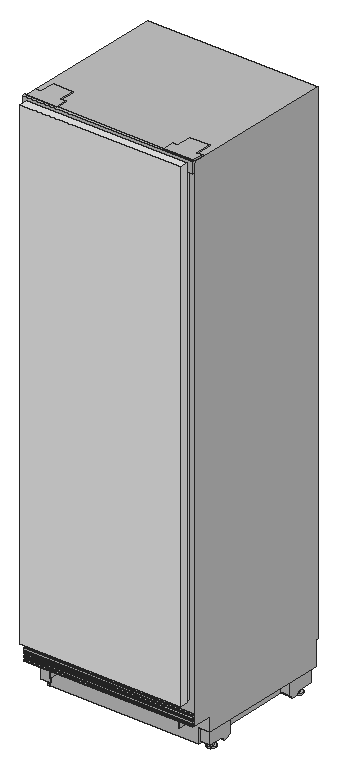
Revit family "FP-Revit18-en-RS6019F3LJ1-Freezer-0-AA-BI-HK-SG-CN-EU-90002454A", category Specialty Equipment, Revit 2018
Family settings
  Round Connector Dimension = Use Diameter
  Part Type = Normal
  OmniClass Number = 23.40.40.11.11
  OmniClass Title = Refrigerators and Freezers
  Work Plane-Based = No
  Always vertical = Yes
  Cut with Voids When Loaded = Yes
  Shared = No
  Room Calculation Point = No
Parameters (values of type "RS6019F2L1")
  Visibility - Toe Kick Panel [instance] = no
  Visibility - Clearance Required [instance] = yes
  URL = "www.fisherpaykel.com"
  Panel - Width [instance] = 592 mm
  Panel - Thickness [instance] = 19 mm
  Panel - FFL to Bottom of Bottom Panel (15mm - 150mm) [instance] = 102 mm
  Toe Kick - Recess [instance] = 63 mm
  Stainless Steel Door Panels (RD6019L) [instance] = no
  Product - Width = 592 mm  # constant formula
  Product - Height [instance] = ([Cavity - Height (1870mm - 1890mm)])  # 1880 mm
  Product - Depth (exl front panel) = 579 mm  # constant formula
  Model = "RS6019F2L1"
  Material - Door Structure = Fisher & Paykel - White
  Material - Door Front [instance] = Fisher & Paykel - Stainless Steel
  Material - Body = Fisher & Paykel - Grey
  Manufacturer = "Fisher & Paykel Appliances"
  Handle Style - Professional Round Flush (AHP3RDS19) [instance] = no
  Handle Style - Contemporary Square Fine Black (AHD5RDS19B) [instance] = no
  Handle Style - Contemporary Square Fine (AHD5RDS19) [instance] = no
  Handle Style - Contemporary Round (AHSRDS19) [instance] = no
  Handle Style - Classic Round (AHCLRDSF) [instance] = no
  Description = "60cm Integrated Freezer"
  Connector Description - Water = "None"
  Connector Description - Electrical = "230 V, 50 Hz, 10 A circuit"
  Cavity - Width = 600 mm  # constant formula
  Cavity - Height (1870mm - 1890mm) [instance] = 1880 mm
  Panel - FFL to Top of Top Panel (1867mm min) [instance] = 1877 mm
  Cavity - Depth (600mm min with services external) = 600 mm
Types (3, lengths in mm): name | Model | Connector Description - Water
  (no name) | "RS6019F2L1" | "None"
  RS6019F2L1 | "RS6019F2L1" | "None"
  RS6019F3LJ1 | "RS6019F3LJ1" | "min 275 kPa (40 psi) max 827 kPa (120 psi)"
Reference planes
  plane 1 "Datum": y = 0
  plane 2: z = 0
  plane 3 "Center (Left/Right)": x = 0
  plane 4 "Product LHS": x = -296
  plane 5 "Product RHS": x = 296
  plane 6 "Product - Depth": y = 579
  plane 7: x = -300
  plane 8: x = 300
  plane 9 "Cavity - Depth": y = 581
  plane 10 "Product Height": z = 1880
  plane 11 "Cavity Height": z = 1880
  plane 12 "Panel Thickness": y = -19
  plane 13 "Base": z = 14.497
Forms (mm)
  Extrusion 1, solid, material "Fisher & Paykel - Grey" <- "Material - Body"
    sketch origin (0, 0, 0) x (0, 1, 0) y (0, 0, 1)
      loop
        line (108, 62.997) -> (571.5, 62.997) -> (571.5, 149.997) -> (579, 149.997) -> (579, 1875.998) -> (42.5, 1875.998) -> (42.5, 110.697) -> (108, 110.697) -> (108, 62.997)
    from -296 to 296
  Extrusion 2, solid, material "Fisher & Paykel - Grey" <- "Material - Body"
    sketch origin (0, 0, 0) x (1, 0, 0) y (0, 0, 1)
      loop
        circle (87.23, 31.993) r 5
      loop
        circle (-241.922, 42) r 6
    from -579 to -571.5
  Extrusion 3, solid, material "Fisher & Paykel - Stainless Steel" <- "Material - Door Front", visible <- "Stainless Steel Door Panels (RD6019L)"
    sketch origin (0, 0, 21.503) x (0, 1, 0) y (0, 0, 1)
      loop
        line (-19, 1855.497) -> (-19, 80.497) -> (0, 80.497) -> (0, 1855.497) -> (-19, 1855.497)
    from -296 to 296
  Extrusion 4, solid, material "Fisher & Paykel - Clearance Required", visible <- "Visibility - Clearance Required", detail levels coarse
    sketch origin (0, 0, 0) x (1, 0, 0) y (0, 1, 0)
      loop
        line (-300, 581) -> (-300, 0) -> (300, 0) -> (300, 581) -> (-300, 581)
    from 0 to 1880
  Extrusion 5, solid, material "Fisher & Paykel - White" <- "Material - Door Structure"
    sketch origin (0, 0, 0) x (1, 0, 0) y (0, 1, 0)
      loop
        line (-280, 28.4) -> (-280, 0) -> (280, 0) -> (280, 28.4) -> (-280, 28.4)
    from 183.947 to 1872.747
  Extrusion 6, solid, material "Fisher & Paykel - White" <- "Material - Door Structure"
    sketch origin (0, 0, 0) x (1, 0, 0) y (0, 1, 0)
      loop
        line (-274.25, 42.5) -> (-274.25, 28.4) -> (274.25, 28.4) -> (274.25, 42.5) -> (-274.25, 42.5)
    from 185.35 to 1838.148
  Extrusion 7, solid, material "Fisher & Paykel - Clearance Required", visible <- "Visibility - Clearance Required", detail levels coarse
    sketch origin (0, -8.858, 0) x (1, 0, 0) y (0, 1, 0)
      loop
        line (-299.146, -10.142) -> (-539.267, -525.083)
        arc (-539.267, -525.083) -> (23.116, -502.405) -> (296, -10.142) r 574.255
        line (296, -10.142) -> (-299.146, -10.142)
    from 0 to 1880
  Extrusion 8, solid, material "Fisher & Paykel - Grey" <- "Material - Body", detail levels fine
    sketch origin (0, 0, 0) x (0, 1, 0) y (0, 0, 1)
      loop
        line (35.5, 149.997) -> (35.5, 145.997) -> (42.5, 145.997) -> (42.5, 149.997) -> (35.5, 149.997)
      loop
        line (35.5, 138.233) -> (35.5, 134.233) -> (42.5, 134.233) -> (42.5, 138.233) -> (35.5, 138.233)
      loop
        line (35.5, 114.697) -> (35.5, 110.697) -> (42.5, 110.697) -> (42.5, 114.697) -> (35.5, 114.697)
      loop
        line (35.5, 126.467) -> (35.5, 122.467) -> (42.5, 122.467) -> (42.5, 126.467) -> (35.5, 126.467)
      loop
        line (33.5, 1880) -> (33.5, 1842.094) -> (42.5, 1842.094) -> (42.5, 1880) -> (33.5, 1880)
    from -296 to 296
  Extrusion 9, solid, material "Fisher & Paykel - Grey" <- "Material - Body"
    sketch origin (0, 0, 0) x (0, 1, 0) y (0, 0, 1)
      loop
        line (108, 62.997) -> (108, 14.497) -> (571.5, 14.497) -> (571.5, 62.997) -> (108, 62.997)
    from -259 to 259
  Extrusion 10, solid, material "Fisher & Paykel - Grey" <- "Material - Body"
    sketch origin (0, 0, 0) x (0, 1, 0) y (0, 0, 1)
      loop
        line (199.5, 62.997) -> (109.5, 62.997) -> (109.5, 21.997) -> (161.836, 21.997)
        arc (161.836, 21.997) -> (180.668, 9.967) -> (199.5, 21.997) r 20.754
        line (199.5, 21.997) -> (199.5, 62.997)
      loop
        line (460.586, 62.997) -> (460.586, 21.997)
        arc (460.586, 21.997) -> (479.418, 9.967) -> (498.25, 21.997) r 20.754
        line (498.25, 21.997) -> (550.586, 21.997) -> (550.586, 62.997) -> (460.586, 62.997)
    from 259 to 294
  Extrusion 11, solid, material "Fisher & Paykel - Grey" <- "Material - Body", detail levels fine
    sketch origin (0, 0, 0) x (1, 0, 0) y (0, 1, 0)
      loop
        line (-273, 136.5) -> (-273, 82.6) -> (-291, 82.6) -> (-291, 42.5) -> (-187, 42.5) -> (-187, 82.6) -> (-205, 82.6) -> (-205, 136.5) -> (-273, 136.5)
      loop
        line (273, 136.5) -> (205, 136.5) -> (205, 82.6) -> (187, 82.6) -> (187, 42.5) -> (291, 42.5) -> (291, 82.6) -> (273, 82.6) -> (273, 136.5)
    from 1875.998 to 1880
  Extrusion 12, solid, material "Fisher & Paykel - Stainless Steel" <- "Material - Door Front", visible <- "Visibility - Toe Kick Panel"
    sketch origin (0, 0, 0) x (0, 1, 0) y (0, 0, 1)
      loop
        line (44, 110) -> (44, 0) -> (63, 0) -> (63, 110) -> (44, 110)
    from -296 to 296
  Extrusion 13, solid, material "Fisher & Paykel - Grey" <- "Material - Body", detail levels fine
    sketch origin (0, 0, 0) x (1, 0, 0) y (0, 1, 0)
      loop
        circle (276.5, 140.6) r 15
      loop
        circle (276.5, 519.6) r 15
      loop
        circle (-276.5, 140.6) r 15
      loop
        circle (-276.5, 519.6) r 15
    from 0 to 3
  Extrusion 14, solid, material "Fisher & Paykel - Grey" <- "Material - Body", detail levels fine
    sketch origin (0, 0, 0) x (1, 0, 0) y (0, 1, 0)
      loop
        circle (276.5, 140.6) r 5
      loop
        circle (276.5, 519.6) r 5
      loop
        circle (-276.5, 140.6) r 5
      loop
        circle (-276.5, 519.6) r 5
    from 3 to 21.997
  Extrusion 15, solid, material "Fisher & Paykel - Grey" <- "Material - Body", detail levels fine
    sketch origin (0, 0, 0) x (0, 1, 0) y (0, 0, 1)
      loop
        line (63.1, 70.7) -> (108, 70.7) -> (108, 110.697) -> (63.1, 110.697) -> (63.1, 70.7)
    from 224 to 226
  Extrusion 16, solid, material "Fisher & Paykel - Grey" <- "Material - Body", detail levels fine
    sketch origin (0, 0, 0) x (0, 1, 0) y (0, 0, -1)
      loop
        line (63.1, -70.7) -> (63.1, -110.697) -> (108, -110.697) -> (108, -70.7) -> (63.1, -70.7)
    from 224 to 226
  Extrusion 17, solid, material "Fisher & Paykel - Grey" <- "Material - Body"
    sketch origin (0, 0, 0) x (0, 1, 0) y (0, 0, -1)
      loop
        line (199.5, -62.997) -> (199.5, -21.997)
        arc (199.5, -21.997) -> (180.668, -9.967) -> (161.836, -21.997) r 20.754
        line (161.836, -21.997) -> (109.5, -21.997) -> (109.5, -62.997) -> (199.5, -62.997)
      loop
        line (460.586, -62.997) -> (550.586, -62.997) -> (550.586, -21.997) -> (498.25, -21.997)
        arc (498.25, -21.997) -> (479.418, -9.967) -> (460.586, -21.997) r 20.754
        line (460.586, -21.997) -> (460.586, -62.997)
    from 259 to 294
  Extrusion 18, void
    sketch origin (0, 1000, 0) x (1, 0, 0) y (0, 1, 0)
      loop
        line (-300, -419) -> (-300, -1019) -> (300, -1019) -> (300, -419) -> (-300, -419)
    from 0 to 1880
Cuts and joins
  joined: Extrusion 1, Extrusion 9, Extrusion 10
Text (mm)
  text "Due to ongoing product development, product details are subject to change without notice. \nPlease always refer to www.fisherpaykel.com for the most current product information. \n© Fisher & Paykel 2020" at (41.04, -678.295, 0), in view "Ref. Level (Plan)"
Dimensions and locks
  equal spacing: plane 4 "Product LHS", plane 3 "Center (Left/Right)", plane 5 "Product RHS"
  "Product - Width": plane 4 "Product LHS" to plane 5 "Product RHS"
  "Product - Depth (exl front panel)": plane 1 "Datum" to plane 6 "Product - Depth"
  equal spacing: plane 7, plane 3 "Center (Left/Right)", plane 8
  "Cavity - Width": plane 7 to plane 8
  Extrusion 2 sketch curve to plane 5 "Product RHS" = 208.77 mm
  plane 4 "Product LHS" to Extrusion 2 sketch curve = 54.078 mm
  "Cavity - Height (1870mm - 1890mm)": plane 11 "Cavity Height" to level
  locked: cut or joined group of Extrusion 1, Extrusion 9, Extrusion 10 to plane 10 "Product Height" at 4.002
  "Panel - Thickness": Extrusion 12 to Extrusion 12
  "Toe Kick - Recess": plane 1 "Datum" to Extrusion 12
  "Panel - Thickness": plane 12 "Panel Thickness" to plane 1 "Datum"
  plane 13 "Base" to level = 14.497 mm
  locked: plane 10 "Product Height" to plane 13 "Base" at 1865.503
  locked: plane 10 "Product Height" to plane 11 "Cavity Height" at 0
  locked: cut or joined group of Extrusion 1, Extrusion 9, Extrusion 10 to plane 13 "Base" at 96.2
  locked: cut or joined group of Extrusion 1, Extrusion 9, Extrusion 10 to plane 13 "Base" at 7.5
  locked: Extrusion 5 to plane 13 "Base" at 169.45
  locked: Extrusion 6 to plane 13 "Base" at 1823.65
  locked: Extrusion 5 to plane 13 "Base" at 1858.25
  locked: Extrusion 12 to cut or joined group of Extrusion 1, Extrusion 9, Extrusion 10 at 0.697
  locked: Extrusion 15 to plane 13 "Base" at 56.203
  locked: plane 13 "Base" to Extrusion 6 at 170.853
  locked: Extrusion 8 to plane 13 "Base" at 1827.596
  "Panel - FFL to Top of Top Panel (1867mm min)": Extrusion 3 to level
  "Panel - FFL to Bottom of Bottom Panel (15mm - 150mm)": Extrusion 3 to level
  equal spacing: Extrusion 3, plane 3 "Center (Left/Right)", Extrusion 3
  "Panel - Width": Extrusion 3 to Extrusion 3
  locked: nested 1 to plane 13 "Base" at 1400.997
  "Cavity - Depth (600mm min with services external)": plane 12 "Panel Thickness" to plane 9 "Cavity - Depth"
  locked: nested 2 to plane 13 "Base" at 549
  locked: nested 1 to plane 13 "Base" at 548.997
  locked: nested 3 to plane 13 "Base" at 574.5
  nested 2 to plane 5 "Product RHS" = 62 mm
  locked: plane 13 "Base" to nested 5 at 564
  locked: plane 13 "Base" to nested 4 at 549
  radius of Extrusion 2 sketch curve = 5 mm
  aligned and locked: level to plane 2
  aligned and locked: Extrusion 1 to plane 5 "Product RHS"
  aligned and locked: plane 4 "Product LHS" to Extrusion 1
  aligned and locked: Extrusion 11 to cut or joined group of Extrusion 1, Extrusion 9, Extrusion 10
  aligned and locked: Extrusion 2 to cut or joined group of Extrusion 1, Extrusion 9, Extrusion 10
  aligned and locked: Extrusion 4 to plane 11 "Cavity Height"
  aligned and locked: Extrusion 8 to plane 10 "Product Height"
  aligned and locked: Extrusion 11 to plane 10 "Product Height"
  aligned and locked: Extrusion 3 to Extrusion 7
  aligned and locked: Extrusion 9 to plane 13 "Base"
  aligned and locked: cut or joined group of Extrusion 1, Extrusion 9, Extrusion 10 to cut or joined group of Extrusion 1, Extrusion 9, Extrusion 10  (x4)
  aligned and locked: Extrusion 15 to cut or joined group of Extrusion 1, Extrusion 9, Extrusion 10
  aligned and locked: Extrusion 8 to cut or joined group of Extrusion 1, Extrusion 9, Extrusion 10
  aligned and locked: Extrusion 16 to Extrusion 8
  aligned and locked: Extrusion 16 to Extrusion 15
  aligned and locked: Extrusion 10 to Extrusion 1
  aligned and locked: Extrusion 14 to cut or joined group of Extrusion 1, Extrusion 9, Extrusion 10
  aligned and locked: Extrusion 7 to plane 11 "Cavity Height"
  aligned and locked: plane 12 "Panel Thickness" to nested 2
  aligned and locked: plane 12 "Panel Thickness" to nested 3
  aligned and locked: Extrusion 18 to plane 7
  aligned and locked: Extrusion 18 to plane 8
  aligned and locked: Extrusion 18 to plane 11 "Cavity Height"
  aligned and locked: Extrusion 18 to level
  aligned and locked: plane 12 "Panel Thickness" to Extrusion 18
  aligned and locked: plane 9 "Cavity - Depth" to Extrusion 18
  aligned and locked: plane 12 "Panel Thickness" to nested 4
  aligned and locked: plane 12 "Panel Thickness" to nested 5
Automatic sketch dimensions
  Extrusion 1 sketch curve to plane 6 "Product - Depth" = 0 mm
  Extrusion 1 sketch curve to plane 6 "Product - Depth" = 7.5 mm
  plane 13 "Base" to Extrusion 1 sketch curve = 48.5 mm
  Extrusion 1 sketch curve to plane 1 "Datum" = 108 mm
  plane 10 "Product Height" to Extrusion 1 sketch curve = 4.002 mm
  Extrusion 1 sketch curve to plane 1 "Datum" = 42.5 mm
  Extrusion 1 sketch curve to Extrusion 1 sketch curve = 47.7 mm
  Extrusion 1 sketch curve to Extrusion 1 sketch curve = 87 mm
  plane 13 "Base" to Extrusion 2 sketch curve = 17.495 mm
  plane 13 "Base" to Extrusion 2 sketch curve = 27.503 mm
  Extrusion 3 sketch curve to plane 12 "Panel Thickness" = 0 mm
  Extrusion 3 sketch curve to plane 1 "Datum" = 0 mm
  plane 13 "Base" to Extrusion 3 sketch curve = 87.503 mm
  plane 10 "Product Height" to Extrusion 3 sketch curve = 3 mm
  plane 1 "Datum" to Extrusion 4 sketch curve = 0 mm
  Extrusion 4 sketch curve to plane 7 = 0 mm
  Extrusion 4 sketch curve to plane 8 = 0 mm
  Extrusion 4 sketch curve to plane 9 "Cavity - Depth" = 0 mm
  plane 1 "Datum" to Extrusion 5 sketch curve = 0 mm
  Extrusion 5 sketch curve to plane 4 "Product LHS" = 16 mm
  plane 5 "Product RHS" to Extrusion 5 sketch curve = 16 mm
  Extrusion 5 sketch curve to plane 1 "Datum" = 28.4 mm
  Extrusion 6 sketch curve to plane 4 "Product LHS" = 21.75 mm
  plane 5 "Product RHS" to Extrusion 6 sketch curve = 21.75 mm
  Extrusion 6 sketch curve to plane 1 "Datum" = 28.4 mm
  Extrusion 6 sketch curve to Extrusion 6 sketch curve = 14.1 mm
  plane 12 "Panel Thickness" to Extrusion 7 sketch curve = 0 mm
  Extrusion 7 sketch curve to plane 5 "Product RHS" = 0 mm
  plane 12 "Panel Thickness" to Extrusion 7 sketch curve = 3.437 mm
  Extrusion 7 sketch curve to plane 4 "Product LHS" = 17.755 mm
  Extrusion 7 sketch curve to plane 7 = 0.854 mm
  plane 7 to Extrusion 7 sketch curve = 239.267 mm
  plane 10 "Product Height" to Extrusion 8 sketch curve = 0 mm
  Extrusion 8 sketch curve to plane 1 "Datum" = 33.5 mm
  Extrusion 8 sketch curve to plane 1 "Datum" = 35.5 mm
  Extrusion 8 sketch curve to Extrusion 8 sketch curve = 0 mm  (x3)
  Extrusion 8 sketch curve to Extrusion 8 sketch curve = 7 mm  (x4)
  Extrusion 8 sketch curve to Extrusion 8 sketch curve = 9 mm
  Extrusion 8 sketch curve to Extrusion 8 sketch curve = 37.906 mm
  plane 13 "Base" to Extrusion 8 sketch curve = 135.5 mm
  Extrusion 8 sketch curve to Extrusion 8 sketch curve = 4 mm  (x4)
  Extrusion 8 sketch curve to Extrusion 8 sketch curve = 7.764 mm
  Extrusion 8 sketch curve to Extrusion 8 sketch curve = 7.767 mm
  Extrusion 8 sketch curve to Extrusion 8 sketch curve = 7.769 mm
  Extrusion 9 sketch curve to plane 13 "Base" = 0 mm
  Extrusion 9 sketch curve to plane 1 "Datum" = 108 mm
  Extrusion 9 sketch curve to plane 6 "Product - Depth" = 7.5 mm
  Extrusion 9 sketch curve to Extrusion 9 sketch curve = 48.5 mm
  plane 13 "Base" to Extrusion 10 sketch curve = 48.5 mm
  Extrusion 10 sketch curve to plane 1 "Datum" = 109.5 mm
  plane 13 "Base" to Extrusion 10 sketch curve = 7.5 mm  (x2)
  Extrusion 10 sketch curve to Extrusion 10 sketch curve = 52.336 mm
  Extrusion 10 sketch curve to Extrusion 10 sketch curve = 18.832 mm  (x4)
  Extrusion 10 sketch curve to plane 6 "Product - Depth" = 118.414 mm
  Extrusion 10 sketch curve to plane 6 "Product - Depth" = 28.414 mm
  plane 13 "Base" to Extrusion 10 sketch curve = 16.224 mm  (x2)
  Extrusion 10 sketch curve to Extrusion 10 sketch curve = 41 mm
  Extrusion 11 sketch curve to plane 4 "Product LHS" = 5 mm
  Extrusion 11 sketch curve to Extrusion 11 sketch curve = 18 mm  (x3)
  Extrusion 11 sketch curve to Extrusion 11 sketch curve = 68 mm
  plane 5 "Product RHS" to Extrusion 11 sketch curve = 109 mm
  plane 5 "Product RHS" to Extrusion 11 sketch curve = 23 mm
  plane 5 "Product RHS" to Extrusion 11 sketch curve = 5 mm
  Extrusion 11 sketch curve to plane 1 "Datum" = 42.5 mm  (x2)
  Extrusion 11 sketch curve to Extrusion 11 sketch curve = 40.1 mm  (x4)
  Extrusion 11 sketch curve to Extrusion 11 sketch curve = 53.9 mm  (x2)
  Extrusion 12 sketch curve to level = 0 mm
  Extrusion 12 sketch curve to plane 1 "Datum" = 44 mm
  Extrusion 12 sketch curve to Extrusion 12 sketch curve = 19 mm
  plane 13 "Base" to Extrusion 12 sketch curve = 95.503 mm
  Extrusion 13 sketch curve to plane 4 "Product LHS" = 19.5 mm  (x2)
  plane 5 "Product RHS" to Extrusion 13 sketch curve = 19.5 mm  (x2)
  Extrusion 13 sketch curve to plane 1 "Datum" = 140.6 mm  (x2)
  Extrusion 13 sketch curve to plane 6 "Product - Depth" = 59.4 mm  (x2)
  Extrusion 14 sketch curve to plane 4 "Product LHS" = 19.5 mm  (x2)
  plane 5 "Product RHS" to Extrusion 14 sketch curve = 19.5 mm  (x2)
  Extrusion 14 sketch curve to plane 1 "Datum" = 140.6 mm  (x2)
  Extrusion 14 sketch curve to plane 6 "Product - Depth" = 59.4 mm  (x2)
  Extrusion 15 sketch curve to plane 1 "Datum" = 63.1 mm
  Extrusion 15 sketch curve to Extrusion 15 sketch curve = 44.9 mm
  plane 13 "Base" to Extrusion 15 sketch curve = 56.203 mm
  Extrusion 15 sketch curve to Extrusion 15 sketch curve = 39.997 mm
  Extrusion 16 sketch curve to plane 1 "Datum" = 63.1 mm
  Extrusion 16 sketch curve to Extrusion 16 sketch curve = 44.9 mm
  plane 13 "Base" to Extrusion 16 sketch curve = 96.2 mm
  Extrusion 16 sketch curve to Extrusion 16 sketch curve = 39.997 mm
  plane 13 "Base" to Extrusion 17 sketch curve = 48.5 mm
  Extrusion 17 sketch curve to plane 1 "Datum" = 109.5 mm
  plane 13 "Base" to Extrusion 17 sketch curve = 7.5 mm  (x2)
  Extrusion 17 sketch curve to Extrusion 17 sketch curve = 52.336 mm
  Extrusion 17 sketch curve to Extrusion 17 sketch curve = 18.832 mm  (x4)
  Extrusion 17 sketch curve to plane 6 "Product - Depth" = 118.414 mm
  Extrusion 17 sketch curve to plane 6 "Product - Depth" = 28.414 mm
  Extrusion 17 sketch curve to Extrusion 17 sketch curve = 41 mm
  plane 13 "Base" to Extrusion 17 sketch curve = 16.224 mm  (x2)
  Extrusion 18 sketch curve to plane 7 = 0 mm
  Extrusion 18 sketch curve to plane 8 = 0 mm
  Extrusion 18 sketch curve to plane 9 "Cavity - Depth" = 600 mm
  Extrusion 18 sketch curve to Extrusion 18 sketch curve = 600 mm
  radius of Extrusion 2 sketch curve = 6 mm
  radius of Extrusion 13 sketch curve = 15 mm  (x4)
  radius of Extrusion 14 sketch curve = 5 mm  (x4)
Nested families
  nested 1: "F&P Handle Kit - Contemporary Square Fine - Vertical" at (234, -19, 989.495), visible <- "Handle Style - Contemporary Square Fine (AHD5RDS19)", type "AHD5RDS19 - Contemporary square fine handle 852mm"
  nested 2: "F&P Handle Kit - Contemporary Square Fine - Vertical" at (234, -19, 989.497), visible <- "Handle Style - Contemporary Square Fine Black (AHD5RDS19B)", type "AHD5RDS19B - Contemporary square fine black handle 852mm"
  nested 3: "F&P Handle Kit - Professional Round Flush - Vertical" at (234, -19, 989.497), visible <- "Handle Style - Professional Round Flush (AHP3RDS19)", type "AHP3RDS19 - Professional round flush handle 801mm"
  nested 4: "F&P Handle Kit - Contemporary Round - Vertical" at (234, -19, 989.497), visible <- "Handle Style - Contemporary Round (AHSRDS19)", type "26237 AHSRDS19 - Contemporary round handle (vertical) 852mm"
  nested 5: "F&P Handle Kit - Classic Round - Vertical" at (234, -19, 989.497), visible <- "Handle Style - Classic Round (AHCLRDSF)", type "26592 AHCLRDSF AA - Classic round handle (Vertical) 822mm"
Connectors
  electrical at (87.23, 579, 31.993), driven by "Connector Description - Electrical"
    settings: on Extrusion 2, index 1, voltage 230 V, apparent load 0 VA, apparent load phase1 0 VA, apparent load phase2 0 VA, apparent load phase3 0 VA, power factor 1, load classification "Other", number of poles 1, system type 30, power factor state 1, is connector primary yes, connector utility no, sub classification motor no, connector description "230 V, 50 Hz, 10 A circuit"
  piping at (-241.922, 579, 42), diameter 11, driven by "Connector Description - Water"
    settings: on Extrusion 2, index 2, connector inside diameter 609.6 mm, connector length 0 mm, flow factor 0, pipe flow 0.0 L/s, pressure drop 0.0 Pa, fitting loss kfactor 0, connector angle 0.00°, fixture units 0, engagement length 0 mm, angle of deflection 0.00°, flow configuration 0, flow direction 1, fitting loss method 0, system type 20, joint type 0, gender type 0, connector reference index -1, connector utility 0, adjustable connector no, is connector primary yes, connector description "None"
Definition of nested family "F&P Handle Kit - Contemporary Square Fine - Vertical"
  Parameters (values of type "AHD5RDS19 - Contemporary square fine handle 852mm")
    URL = "www.fisherpaykel.com"
    Material - Handle = none
    Manufacturer = "Fisher & Paykel Appliances"
    Handle - Length = 852 mm
  Types (22, lengths in mm): name | Handle - Length
    AHD5RD2484W - Contemporary square fine handle (1 of 2) (Vertical) 727mm | 727
    AHD5RD2484WB - Contemporary square fine black handle (1 of 2) (Vertical) 727mm | 727
    AHD5RD3084W - Contemporary square fine handle (1 of 2) (Vertical) 727mm | 727
    AHD5RD3084WB - Contemporary square fine black handle (1 of 2) (Vertical) 727mm | 727
    AHD5RD6121W - Contemporary square fine handle (1 of 2) (Vertical) 727mm | 727
    AHD5RD6121WB - Contemporary square fine black handle (1 of 2) (Vertical) 727mm | 727
    AHD5RD7621W - Contemporary square fine handle (1 of 2) (Vertical) 727mm | 727
    AHD5RD7621WB - Contemporary square fine black handle (1 of 2) (Vertical) 727mm | 727
    AHD5RD36A - Contemporary square fine handle (1 of 2) (Vertical) 727mm | 727
    AHD5RD36AB - Contemporary square fine black handle (1 of 2) (Vertical) 727mm | 727
    AHD5RD80A - Contemporary square fine handle (1 of 2) (Vertical) 727mm | 727
    AHD5RD90A - Contemporary square fine handle (1 of 2) (Vertical) 727mm | 727
    AHD5RD80AB - Contemporary square fine black handle (1 of 2) (Vertical) 727mm | 727
    AHD5RD90AB - Contemporary square fine black handle (1 of 2) (Vertical) 727mm | 727
    AHD5RD36W - Contemporary square fine handle (1 of 2) (Vertical) 727mm | 727
    AHD5RD36WB - Contemporary square fine handle (1 of 2) (Vertical) 727mm | 727
    AHD5RD9120WB - Contemporary square fine handle (1 of 2) (Vertical) 727mm | 727
    AHD5RD9120W - Contemporary square fine handle (1 of 2) (Vertical) 727mm | 727
    AHD5RDS19B - Contemporary square fine black handle 852mm | 852
    AHD5RDS19 - Contemporary square fine handle 852mm | 852
    AHD5RDS74B - Contemporary square fine black handle 852mm | 852
    AHD5RDS74 - Contemporary square fine handle 852mm | 852
  Reference planes
    plane 1 "Center (Front/Back)": y = 0
    plane 2: z = 0
    plane 3 "Center (Left/Right)": x = 0
    plane 4 "Top": z = 426
    plane 5 "Bottom": z = -426
    plane 6 "Top Standoff": z = 306
    plane 7 "Bottom Standoff": z = -306
  Forms (mm)
    Extrusion 1, solid, material <- "Material - Handle", detail levels fine
      sketch origin (0, 0, 0) x (1, 0, 0) y (0, 1, 0)
        loop
          arc (-6.16, -26.813) -> (-6.554, -27.196) -> (-6.686, -27.728) r 1
          line (-6.686, -27.728) -> (-6.256, -40.035)
          arc (-6.256, -40.035) -> (-5.951, -40.719) -> (-5.257, -41) r 1
          line (-5.257, -41) -> (5.257, -41)
          arc (5.257, -41) -> (5.951, -40.719) -> (6.256, -40.035) r 1
          line (6.256, -40.035) -> (6.686, -27.709)
          arc (6.686, -27.709) -> (6.554, -27.175) -> (6.158, -26.792) r 1
          arc (6.158, -26.792) -> (-0.004, -25.256) -> (-6.16, -26.813) r 13.038
      from -426 to 426
    Extrusion 2, solid, material <- "Material - Handle", detail levels fine
      sketch origin (0, 0, 0) x (1, 0, 0) y (0, 1, 0)
        loop
          arc (6.012, -26.626) -> (6.494, -26.614) -> (6.741, -26.2) r 0.5
          line (6.741, -26.2) -> (7.7, 0) -> (-7.7, 0) -> (-6.742, -26.174)
          arc (-6.742, -26.174) -> (-6.496, -26.587) -> (-6.015, -26.6) r 0.5
          arc (-6.015, -26.6) -> (0.002, -25.156) -> (6.012, -26.626) r 13.136
      from 306 to 426
    Extrusion 3, solid, material <- "Material - Handle", detail levels coarse+medium
      sketch origin (0, 0, 0) x (0, 1, 0) y (0, 0, 1)
        loop
          line (0, 426) -> (-42, 426) -> (-42, -426) -> (0, -426) -> (0, -306) -> (-26.245, -306) -> (-26.245, 306) -> (0, 306) -> (0, 426)
      from -8 to 8
    Extrusion 4, solid, material <- "Material - Handle", detail levels fine
      sketch origin (0, 0, 0) x (1, 0, 0) y (0, 1, 0)
        loop
          arc (6.012, -26.626) -> (6.494, -26.614) -> (6.741, -26.2) r 0.5
          line (6.741, -26.2) -> (7.7, 0) -> (-7.7, 0) -> (-6.742, -26.174)
          arc (-6.742, -26.174) -> (-6.496, -26.587) -> (-6.015, -26.6) r 0.5
          arc (-6.015, -26.6) -> (0.002, -25.156) -> (6.012, -26.626) r 13.136
      from -426 to -306
  Dimensions and locks
    equal spacing: plane 4 "Top", level, plane 5 "Bottom"
    "Handle - Length": plane 4 "Top" to plane 5 "Bottom"
    locked: plane 4 "Top" to plane 6 "Top Standoff" at 120
    locked: plane 7 "Bottom Standoff" to plane 5 "Bottom" at 120
    aligned and locked: level to plane 2
    aligned and locked: plane 4 "Top" to Extrusion 2
    aligned and locked: Extrusion 2 to plane 6 "Top Standoff"
    aligned and locked: plane 4 "Top" to Extrusion 1
    aligned and locked: Extrusion 1 to plane 5 "Bottom"
    aligned and locked: plane 4 "Top" to Extrusion 3 sketch curve
    aligned and locked: plane 6 "Top Standoff" to Extrusion 3 sketch curve
    aligned and locked: plane 7 "Bottom Standoff" to Extrusion 3 sketch curve
    aligned and locked: plane 5 "Bottom" to Extrusion 3 sketch curve
    aligned and locked: Extrusion 4 to plane 5 "Bottom"
    aligned and locked: plane 7 "Bottom Standoff" to Extrusion 4
  Automatic sketch dimensions
    Extrusion 1 sketch curve to plane 3 "Center (Left/Right)" = 6.686 mm
    Extrusion 1 sketch curve to plane 3 "Center (Left/Right)" = 6.256 mm
    Extrusion 1 sketch curve to Extrusion 1 sketch curve = 0.999 mm  (x4)
    plane 3 "Center (Left/Right)" to Extrusion 1 sketch curve = 0.018 mm
    plane 3 "Center (Left/Right)" to Extrusion 1 sketch curve = 5.257 mm
    plane 3 "Center (Left/Right)" to Extrusion 1 sketch curve = 5.687 mm
    plane 1 "Center (Front/Back)" to Extrusion 1 sketch curve = 41 mm
    Extrusion 1 sketch curve to Extrusion 1 sketch curve = 0.965 mm  (x2)
    Extrusion 1 sketch curve to Extrusion 1 sketch curve = 1.706 mm
    Extrusion 1 sketch curve to Extrusion 1 sketch curve = 12.307 mm
    Extrusion 1 sketch curve to Extrusion 1 sketch curve = 12.326 mm
    Extrusion 1 sketch curve to Extrusion 1 sketch curve = 0.035 mm  (x2)
    Extrusion 1 sketch curve to Extrusion 1 sketch curve = 0 mm
    plane 1 "Center (Front/Back)" to Extrusion 2 sketch curve = 0 mm
    Extrusion 2 sketch curve to plane 3 "Center (Left/Right)" = 7.7 mm
    Extrusion 2 sketch curve to plane 3 "Center (Left/Right)" = 6.742 mm
    Extrusion 2 sketch curve to Extrusion 2 sketch curve = 0.5 mm  (x2)
    Extrusion 2 sketch curve to plane 3 "Center (Left/Right)" = 0.026 mm
    plane 3 "Center (Left/Right)" to Extrusion 2 sketch curve = 6.242 mm
    plane 3 "Center (Left/Right)" to Extrusion 2 sketch curve = 7.7 mm
    plane 1 "Center (Front/Back)" to Extrusion 2 sketch curve = 26.155 mm
    Extrusion 2 sketch curve to Extrusion 2 sketch curve = 0.018 mm  (x2)
    Extrusion 2 sketch curve to Extrusion 2 sketch curve = 0.026 mm
    Extrusion 2 sketch curve to Extrusion 2 sketch curve = 12.11 mm
    Extrusion 2 sketch curve to Extrusion 2 sketch curve = 0 mm
    plane 1 "Center (Front/Back)" to Extrusion 3 sketch curve = 42 mm
    Extrusion 3 sketch curve to Extrusion 3 sketch curve = 15.755 mm
    Extrusion 3 sketch curve to Extrusion 3 sketch curve = 42 mm  (x2)
    Extrusion 4 sketch curve to plane 3 "Center (Left/Right)" = 7.7 mm
    Extrusion 4 sketch curve to plane 3 "Center (Left/Right)" = 6.742 mm
    Extrusion 4 sketch curve to Extrusion 4 sketch curve = 0.5 mm  (x2)
    Extrusion 4 sketch curve to plane 3 "Center (Left/Right)" = 0.026 mm
    plane 3 "Center (Left/Right)" to Extrusion 4 sketch curve = 6.242 mm
    plane 3 "Center (Left/Right)" to Extrusion 4 sketch curve = 7.7 mm
    plane 1 "Center (Front/Back)" to Extrusion 4 sketch curve = 38.291 mm
    Extrusion 4 sketch curve to Extrusion 4 sketch curve = 12.091 mm
    Extrusion 4 sketch curve to Extrusion 4 sketch curve = 0.018 mm  (x2)
    Extrusion 4 sketch curve to Extrusion 4 sketch curve = 0.452 mm
    Extrusion 4 sketch curve to Extrusion 4 sketch curve = 26.174 mm
    Extrusion 4 sketch curve to Extrusion 4 sketch curve = 0 mm
Definition of nested family "F&P Handle Kit - Professional Round Flush - Vertical"
  Parameters (values of type "AHP3RDS19 - Professional round flush handle 801mm")
    URL = "www.fisherpaykel.com"
    Material - Handle = none
    Manufacturer = "Fisher & Paykel Appliances"
    Handle - Length = 801 mm
  Types (8, lengths in mm): name | Handle - Length
    (no name) | 801
    AHP3RD2484W - Professional round flush handle (1 of 2) (Vertical) | 677
    AHP3RD3084W - Professional round flush handle (1 of 2) (Vertical) | 677
    AHP3-RD84 - Professional round flush handle 677mm | 677
    AHP3RD36W - Professional round flush handle (1 of 2) (Vertical) | 727
    AHP3RD36A - Professional round flush handle (1 of 2) (Vertical) | 727
    AHP3RDS19 - Professional round flush handle 801mm | 801
    AHP3RDS74 - Professional round flush handle 801mm | 801
  Reference planes
    plane 1 "Center (Front/Back)": y = 0
    plane 2: z = 0
    plane 3 "Center (Left/Right)": x = 0
    plane 4 "Top": z = 400.5
    plane 5 "Bottom": z = -400.5
    plane 6 "Top Standoff": z = 340.5
    plane 7 "Bottom Standoff": z = -340.5
  Forms (mm)
    Extrusion 1, solid, material <- "Material - Handle", detail levels fine
      sketch origin (0, 0, 0) x (1, 0, 0) y (0, 1, 0)
        loop
          arc (-12.817, -46.665) -> (0, -58.016) -> (12.817, -46.665) r 12.912
          line (12.817, -46.665) -> (18.5, 0) -> (-18.5, 0) -> (-12.817, -46.665)
      from 340.5 to 400.5
    Extrusion 2, solid, material <- "Material - Handle", detail levels fine
      sketch origin (0, 0, 0) x (1, 0, 0) y (0, 1, 0)
        loop
          arc (-12.817, -46.665) -> (0, -58.016) -> (12.817, -46.665) r 12.912
          line (12.817, -46.665) -> (18.5, 0) -> (-18.5, 0) -> (-12.817, -46.665)
      from -400.5 to -340.5
    Extrusion 3, solid, material <- "Material - Handle"
      sketch origin (0, 0, 0) x (1, 0, 0) y (0, 1, 0)
        loop
          circle (0, -45.116) r 12.7
      from -340.5 to 340.5
    Sweep 4, void
      path in 3D
        loop
          line (18.5, 0, 400.5) -> (12.817, -46.665, 400.5)
          arc (12.817, -46.665, 400.5) -> (0, -58.016, 400.5) -> (-12.817, -46.665, 400.5) r 12.912
          line (-12.817, -46.665, 400.5) -> (-18.5, 0, 400.5)
      profile origin (0, -58.016, 400.5) x (0, -1, 0) y (0, 0, 1)
        loop
          line (0, 0) -> (-1.5, 0) -> (0, -1.5) -> (0, 0)
    Sweep 5, void
      path in 3D
        loop
          line (-18.5, 0, -400.5) -> (-12.817, -46.665, -400.5)
          arc (-12.817, -46.665, -400.5) -> (0, -58.016, -400.5) -> (12.817, -46.665, -400.5) r 12.912
          line (12.817, -46.665, -400.5) -> (18.5, 0, -400.5)
      profile origin (0, -58.016, -400.5) x (0, -1, 0) y (0, 0, -1)
        loop
          line (0, 0) -> (-1.5, 0) -> (0, -1.5) -> (0, 0)
    Extrusion 6, solid, material <- "Material - Handle", detail levels coarse+medium
      sketch origin (0, 0, 0) x (1, 0, 0) y (0, 1, 0)
        loop
          arc (-12.817, -46.665) -> (0, -58.016) -> (12.817, -46.665) r 12.912
          line (12.817, -46.665) -> (18.5, 0) -> (-18.5, 0) -> (-12.817, -46.665)
      from 340.5 to 400.5
    Extrusion 7, solid, material <- "Material - Handle", detail levels coarse+medium
      sketch origin (0, 0, 0) x (1, 0, 0) y (0, 1, 0)
        loop
          arc (-12.817, -46.665) -> (0, -58.016) -> (12.817, -46.665) r 12.912
          line (12.817, -46.665) -> (18.5, 0) -> (-18.5, 0) -> (-12.817, -46.665)
      from -400.5 to -340.5
  Cuts and joins
    Sweep 4 cuts Extrusion 1
    Sweep 5 cuts Extrusion 2
  Lines and regions (mm)
    sketch lines
      curve 1: arc (12.817, -46.665, 400.5) -> (0, -58.016, 400.5) -> (-12.817, -46.665, 400.5) r 12.912
      curve 2: line (12.817, -46.665, 400.5) -> (18.5, 0, 400.5)
      curve 3: line (-18.5, 0, 400.5) -> (-12.817, -46.665, 400.5)
      curve 4: arc (-12.817, -46.665, -400.5) -> (0, -58.016, -400.5) -> (12.817, -46.665, -400.5) r 12.912
      curve 5: line (18.5, 0, -400.5) -> (12.817, -46.665, -400.5)
      curve 6: line (-12.817, -46.665, -400.5) -> (-18.5, 0, -400.5)
  Dimensions and locks
    equal spacing: plane 4 "Top", level, plane 5 "Bottom"
    "Handle - Length": plane 4 "Top" to plane 5 "Bottom"
    plane 4 "Top" to plane 6 "Top Standoff" = 60 mm
    plane 7 "Bottom Standoff" to plane 5 "Bottom" = 60 mm
    aligned and locked: level to plane 2
    aligned and locked: plane 4 "Top" to Extrusion 1
    aligned and locked: Extrusion 1 to plane 6 "Top Standoff"
    aligned and locked: Extrusion 2 to plane 5 "Bottom"
    aligned and locked: plane 1 "Center (Front/Back)" to Extrusion 2 sketch curve
    aligned and locked: plane 6 "Top Standoff" to Extrusion 3
    aligned and locked: Extrusion 3 to plane 7 "Bottom Standoff"
    aligned and locked: Extrusion 6 to cut or joined group of Extrusion 1, Sweep 4
    aligned and locked: Extrusion 7 to cut or joined group of Extrusion 2, Sweep 5
    aligned and locked: plane 7 "Bottom Standoff" to Extrusion 7
    aligned and locked: plane 7 "Bottom Standoff" to cut or joined group of Extrusion 2, Sweep 5
    aligned and locked: Extrusion 6 to plane 6 "Top Standoff"
    aligned and locked: cut or joined group of Extrusion 1, Sweep 4 to plane 6 "Top Standoff"
  Automatic sketch dimensions
    plane 1 "Center (Front/Back)" to Extrusion 1 sketch curve = 0 mm
    Extrusion 1 sketch curve to plane 3 "Center (Left/Right)" = 0 mm
    Extrusion 1 sketch curve to plane 3 "Center (Left/Right)" = 12.817 mm
    Extrusion 1 sketch curve to plane 3 "Center (Left/Right)" = 18.5 mm
    plane 3 "Center (Left/Right)" to Extrusion 1 sketch curve = 12.817 mm
    plane 3 "Center (Left/Right)" to Extrusion 1 sketch curve = 18.5 mm
    plane 1 "Center (Front/Back)" to Extrusion 1 sketch curve = 45.104 mm
    Extrusion 1 sketch curve to Extrusion 1 sketch curve = 1.561 mm
    Extrusion 2 sketch curve to plane 3 "Center (Left/Right)" = 0 mm
    Extrusion 2 sketch curve to plane 3 "Center (Left/Right)" = 12.817 mm
    Extrusion 2 sketch curve to plane 3 "Center (Left/Right)" = 18.5 mm
    plane 3 "Center (Left/Right)" to Extrusion 2 sketch curve = 12.817 mm
    plane 3 "Center (Left/Right)" to Extrusion 2 sketch curve = 18.5 mm
    plane 1 "Center (Front/Back)" to Extrusion 2 sketch curve = 45.104 mm
    Extrusion 2 sketch curve to Extrusion 2 sketch curve = 1.561 mm
    Extrusion 3 sketch curve to plane 3 "Center (Left/Right)" = 0 mm
    plane 1 "Center (Front/Back)" to Extrusion 3 sketch curve = 45.116 mm
    Sweep 4 sketch curve to profile plane = 0 mm  (x2)
    profile plane to Sweep 4 sketch curve = 1.5 mm
    Sweep 4 sketch curve to profile plane = 1.5 mm
    profile plane to Sweep 5 sketch curve = 0 mm
    Sweep 5 sketch curve to profile plane = 0 mm
    profile plane to Sweep 5 sketch curve = 1.5 mm
    Sweep 5 sketch curve to profile plane = 1.5 mm
    Extrusion 6 sketch curve to plane 3 "Center (Left/Right)" = 0 mm
    Extrusion 6 sketch curve to plane 3 "Center (Left/Right)" = 12.817 mm
    Extrusion 6 sketch curve to plane 3 "Center (Left/Right)" = 18.5 mm
    plane 3 "Center (Left/Right)" to Extrusion 6 sketch curve = 12.817 mm
    plane 3 "Center (Left/Right)" to Extrusion 6 sketch curve = 18.5 mm
    plane 1 "Center (Front/Back)" to Extrusion 6 sketch curve = 46.665 mm
    Extrusion 6 sketch curve to Extrusion 6 sketch curve = 1.561 mm
    Extrusion 6 sketch curve to Extrusion 6 sketch curve = 46.665 mm
    Extrusion 7 sketch curve to plane 3 "Center (Left/Right)" = 0 mm
    Extrusion 7 sketch curve to plane 3 "Center (Left/Right)" = 12.817 mm
    Extrusion 7 sketch curve to plane 3 "Center (Left/Right)" = 18.5 mm
    plane 3 "Center (Left/Right)" to Extrusion 7 sketch curve = 12.817 mm
    plane 3 "Center (Left/Right)" to Extrusion 7 sketch curve = 18.5 mm
    plane 1 "Center (Front/Back)" to Extrusion 7 sketch curve = 46.665 mm
    Extrusion 7 sketch curve to Extrusion 7 sketch curve = 1.561 mm
    Extrusion 7 sketch curve to Extrusion 7 sketch curve = 46.665 mm
    radius of Extrusion 3 sketch curve = 12.7 mm
Definition of nested family "F&P Handle Kit - Contemporary Round - Vertical"
  Parameters (values of type "26237 AHSRDS19 - Contemporary round handle (vertical) 852mm")
    URL = "www.fisherpaykel.com"
    Material - Handle = none
    Manufacturer = "Fisher & Paykel Appliances"
    Keynote = ""
    Handle Standoff - Length = 100 mm
    Handle - Length = 852 mm
    Description = ""
  Types (19, lengths in mm): name | Keynote | Handle - Length
    25324 AHS-RD21 - Contemporary round handle (Vertical) 852mm | "" | 852
    25731 AHSRD2484W - Contemporary round handle (1 of 2) (Vertical) 727mm | "" | 727
    25723 AHSRD3084W - Contemporary round handle (1 of 2) (Vertical) 727mm | "" | 727
    24981 AHS-RD84 - Contemporary round handle (Vertical) 852mm | "" | 852
    25628 AHSRS3272A - Contemporary round handle (1 of 2) (Vertical) 727mm | "" | 727
    25627 AHSRS80A - Contemporary round handle (1 of 2) (Vertical) 727mm | "" | 727
    25727 AHSRD6121W - Contemporary round handle (1 of 2) (Vertical) 727mm | "" | 727
    25719 AHSRD7621W - Contemporary round handle (1 of 2) (Vertical) 727mm | "" | 727
    25329 AHS-ASBI-A - Contemporary round handle (1 of 2) (Vertical) 727mm | "" | 727
    25374 AHS-ASBI-A - Contemporary round handle (1 of 2) (Vertical) 727mm | "" | 727
    25380 AHS-ASBI-B - Contemporary round handle (1 of 2) (Vertical) 727mm | "" | 727
    25339 AHS-ASBI-B - Contemporary round handle (1 of 2) (Vertical) 727mm | "" | 727
    25376 AHS-RF-522A - Contemporary round handle (1 of 2) (Vertical) 642mm | "US Market" | 642
    25334 AHS-RF-522A - Contemporary round handle (1 of 2) (Vertical) 642mm | "AA Market" | 642
    25379 AHS-RF-522W - Contemporary round handle (1 of 2) (Vertical) 642mm | "US Market" | 642
    25335 AHS-RF-610 - Contemporary round handle (1 of 2) (Vertical) 642mm | "AA Market" | 642
    25377 AHS-RF-610 - Contemporary round handle (1 of 2) (Vertical) 642mm | "US Market" | 642
    26237 AHSRDS19 - Contemporary round handle (vertical) 852mm | "" | 852
    26238 AHSRDS74 - Contemporary round handle (vertical) 852mm | "" | 852
  Reference planes
    plane 1 "Center (Front/Back)": y = 0
    plane 2: z = 0
    plane 3 "Center (Left/Right)": x = 0
    plane 4 "Top": z = 426
    plane 5 "Bottom": z = -426
    plane 6 "Top Standoff": z = 326
    plane 7 "Bottom Standoff": z = -326
  Forms (mm)
    Extrusion 1, solid, material <- "Material - Handle"
      sketch origin (0, 0, 0) x (1, 0, 0) y (0, 1, 0)
        loop
          circle (0, -32.3) r 8.7
      from -326 to 326
    Extrusion 2, solid, material <- "Material - Handle", detail levels fine
      sketch origin (0, 0, 0) x (1, 0, 0) y (0, 1, 0)
        loop
          line (-8.7, 0) -> (-8.7, -32.3)
          arc (-8.7, -32.3) -> (0, -41) -> (8.7, -32.3) r 8.7
          line (8.7, -32.3) -> (8.7, 0) -> (-8.7, 0)
      from 326 to 426
    Extrusion 3, solid, material <- "Material - Handle", detail levels fine
      sketch origin (0, 0, 0) x (1, 0, 0) y (0, 1, 0)
        loop
          line (-8.7, 0) -> (-8.7, -32.3)
          arc (-8.7, -32.3) -> (0, -41) -> (8.7, -32.3) r 8.7
          line (8.7, -32.3) -> (8.7, 0) -> (-8.7, 0)
      from -426 to -326
    Sweep 4, void
      path in 3D
        loop
          line (8.7, 0, -426) -> (8.7, -32.3, -426)
          arc (8.7, -32.3, -426) -> (0, -41, -426) -> (-8.7, -32.3, -426) r 8.7
          line (-8.7, -32.3, -426) -> (-8.7, 0, -426)
      profile origin (8.7, -16.15, -426) x (-1, 0, 0) y (0, 0, -1)
        loop
          line (0, 0) -> (0, -1) -> (1, 0) -> (0, 0)
    Sweep 5, void
      path in 3D
        loop
          line (-8.7, 0, 426) -> (-8.7, -32.3, 426)
          arc (-8.7, -32.3, 426) -> (0, -41, 426) -> (8.7, -32.3, 426) r 8.7
          line (8.7, -32.3, 426) -> (8.7, 0, 426)
      profile origin (8.7, -16.15, 426) x (-1, 0, 0) y (0, 0, 1)
        loop
          line (0, 0) -> (0, -1) -> (1, 0) -> (0, 0)
    Extrusion 6, solid, material <- "Material - Handle", detail levels coarse+medium
      sketch origin (0, 0, 0) x (1, 0, 0) y (0, 1, 0)
        loop
          line (-8.7, 0) -> (-8.7, -32.3)
          arc (-8.7, -32.3) -> (0, -41) -> (8.7, -32.3) r 8.7
          line (8.7, -32.3) -> (8.7, 0) -> (-8.7, 0)
      from 326 to 426
    Extrusion 7, solid, material <- "Material - Handle", detail levels coarse+medium
      sketch origin (0, 0, 0) x (1, 0, 0) y (0, 1, 0)
        loop
          line (-8.7, 0) -> (-8.7, -32.3)
          arc (-8.7, -32.3) -> (0, -41) -> (8.7, -32.3) r 8.7
          line (8.7, -32.3) -> (8.7, 0) -> (-8.7, 0)
      from -426 to -326
  Cuts and joins
    Sweep 4 cuts Extrusion 3
    Sweep 5 cuts Extrusion 2
  Lines and regions (mm)
    sketch lines
      curve 1: line (8.7, 0, -426) -> (8.7, -32.3, -426)
      curve 2: arc (-8.7, -32.3, -426) -> (0, -41, -426) -> (8.7, -32.3, -426) r 8.7
      curve 3: line (-8.7, -32.3, -426) -> (-8.7, 0, -426)
      curve 4: line (8.7, -32.3, 426) -> (8.7, 0, 426)
      curve 5: arc (8.7, -32.3, 426) -> (0, -41, 426) -> (-8.7, -32.3, 426) r 8.7
      curve 6: line (-8.7, 0, 426) -> (-8.7, -32.3, 426)
  Dimensions and locks
    equal spacing: plane 4 "Top", level, plane 5 "Bottom"
    "Handle - Length": plane 4 "Top" to plane 5 "Bottom"
    "Handle Standoff - Length": plane 4 "Top" to plane 6 "Top Standoff"
    "Handle Standoff - Length": plane 7 "Bottom Standoff" to plane 5 "Bottom"
    Extrusion 2 sketch curve to Extrusion 2 sketch curve = 17.4 mm
    Extrusion 3 sketch curve to Extrusion 3 sketch curve = 17.4 mm
    Extrusion 6 sketch curve to Extrusion 6 sketch curve = 17.4 mm
    Extrusion 7 sketch curve to Extrusion 7 sketch curve = 17.4 mm
    aligned and locked: level to plane 2
    aligned and locked: plane 4 "Top" to Extrusion 2
    aligned and locked: Extrusion 3 to plane 5 "Bottom"
    aligned and locked: plane 7 "Bottom Standoff" to Extrusion 3
    aligned and locked: Extrusion 1 to plane 7 "Bottom Standoff"
    aligned and locked: plane 6 "Top Standoff" to Extrusion 1
    aligned and locked: Extrusion 2 to Extrusion 1
    aligned and locked: Extrusion 6 to Extrusion 1
    aligned and locked: plane 4 "Top" to Extrusion 6
    aligned and locked: Extrusion 7 to Extrusion 1
    aligned and locked: Extrusion 7 to plane 5 "Bottom"
  Automatic sketch dimensions
    Extrusion 1 sketch curve to plane 3 "Center (Left/Right)" = 0 mm
    plane 1 "Center (Front/Back)" to Extrusion 1 sketch curve = 32.3 mm
    plane 1 "Center (Front/Back)" to Extrusion 2 sketch curve = 0 mm
    Extrusion 2 sketch curve to plane 3 "Center (Left/Right)" = 0 mm
    Extrusion 2 sketch curve to plane 3 "Center (Left/Right)" = 8.7 mm
    plane 1 "Center (Front/Back)" to Extrusion 2 sketch curve = 32.3 mm
    plane 1 "Center (Front/Back)" to Extrusion 3 sketch curve = 0 mm
    Extrusion 3 sketch curve to plane 3 "Center (Left/Right)" = 0 mm
    Extrusion 3 sketch curve to plane 3 "Center (Left/Right)" = 8.7 mm
    plane 1 "Center (Front/Back)" to Extrusion 3 sketch curve = 32.3 mm
    Sweep 4 sketch curve to profile plane = 0 mm  (x2)
    Sweep 4 sketch curve to profile plane = 1 mm  (x2)
    Sweep 5 sketch curve to profile plane = 0 mm  (x2)
    Sweep 5 sketch curve to profile plane = 1 mm  (x2)
    Extrusion 6 sketch curve to plane 3 "Center (Left/Right)" = 0 mm
    Extrusion 6 sketch curve to plane 3 "Center (Left/Right)" = 8.7 mm
    plane 1 "Center (Front/Back)" to Extrusion 6 sketch curve = 32.3 mm
    Extrusion 6 sketch curve to Extrusion 6 sketch curve = 32.3 mm
    Extrusion 7 sketch curve to plane 3 "Center (Left/Right)" = 0 mm
    Extrusion 7 sketch curve to plane 3 "Center (Left/Right)" = 8.7 mm
    plane 1 "Center (Front/Back)" to Extrusion 7 sketch curve = 32.3 mm
    Extrusion 7 sketch curve to Extrusion 7 sketch curve = 32.3 mm
    radius of Extrusion 1 sketch curve = 8.7 mm
Definition of nested family "F&P Handle Kit - Classic Round - Vertical"
  Parameters (values of type "26591 AHCLRDSF US - Classic round handle (Vertical) 822mm")
    URL = "www.fisherpaykel.com"
    Material - Handle = none
    Manufacturer = "Fisher & Paykel Appliances"
    Keynote = ""
    Handle Standoff - Length = 80 mm
    Handle - Length = 822 mm
    Description = ""
  Types (2): name
    26592 AHCLRDSF AA - Classic round handle (Vertical) 822mm
    26591 AHCLRDSF US - Classic round handle (Vertical) 822mm
  Reference planes
    plane 1 "Center (Front/Back)": y = 0
    plane 2: z = 0
    plane 3 "Center (Left/Right)": x = 0
    plane 4 "Top": z = 411
    plane 5 "Bottom": z = -411
    plane 6 "Top Standoff": z = 331
    plane 7 "Bottom Standoff": z = -331
  Forms (mm)
    Extrusion 1, solid, material <- "Material - Handle"
      sketch origin (0, 0, 0) x (1, 0, 0) y (0, 1, 0)
        loop
          circle (0, -44.923) r 10
      from -331 to 331
    Extrusion 2, solid, material <- "Material - Handle", detail levels fine
      sketch origin (0, 0, 0) x (1, 0, 0) y (0, 1, 0)
        loop
          line (-10.498, 0) -> (-10.498, -44.923)
          arc (-10.498, -44.923) -> (0, -55.422) -> (10.498, -44.923) r 10.498
          line (10.498, -44.923) -> (10.498, 0) -> (-10.498, 0)
      from 331 to 411
    Extrusion 3, solid, material <- "Material - Handle", detail levels fine
      sketch origin (0, 0, 0) x (1, 0, 0) y (0, 1, 0)
        loop
          arc (-10.498, -44.923) -> (0, -55.422) -> (10.498, -44.923) r 10.498
          line (10.498, -44.923) -> (10.498, 0) -> (-10.498, 0) -> (-10.498, -44.923)
      from -411 to -331
    Sweep 4, void
      path in 3D
        loop
          line (-10.498, 0, 411) -> (-10.498, -44.923, 411)
          arc (-10.498, -44.923, 411) -> (0, -55.422, 411) -> (10.498, -44.923, 411) r 10.498
          line (10.498, -44.923, 411) -> (10.498, 0, 411)
      profile origin (10.498, -22.462, 411) x (-1, 0, 0) y (0, 0, 1)
        loop
          line (0, 0) -> (0, -1.5) -> (1.5, 0) -> (0, 0)
    Sweep 5, void
      path in 3D
        loop
          line (10.498, 0, -411) -> (10.498, -44.923, -411)
          arc (10.498, -44.923, -411) -> (0, -55.422, -411) -> (-10.498, -44.923, -411) r 10.498
          line (-10.498, -44.923, -411) -> (-10.498, 0, -411)
      profile origin (10.498, -22.462, -411) x (-1, 0, 0) y (0, 0, -1)
        loop
          line (0, 0) -> (0, -1.5) -> (1.5, 0) -> (0, 0)
    Extrusion 6, solid, material <- "Material - Handle", detail levels coarse+medium
      sketch origin (0, 0, 0) x (1, 0, 0) y (0, 1, 0)
        loop
          line (-10.498, 0) -> (-10.498, -44.923)
          arc (-10.498, -44.923) -> (0, -55.422) -> (10.498, -44.923) r 10.498
          line (10.498, -44.923) -> (10.498, 0) -> (-10.498, 0)
      from 331 to 411
    Extrusion 7, solid, material <- "Material - Handle", detail levels coarse+medium
      sketch origin (0, 0, 0) x (1, 0, 0) y (0, 1, 0)
        loop
          arc (-10.498, -44.923) -> (0, -55.422) -> (10.498, -44.923) r 10.498
          line (10.498, -44.923) -> (10.498, 0) -> (-10.498, 0) -> (-10.498, -44.923)
      from -411 to -331
  Cuts and joins
    Sweep 4 cuts Extrusion 2
    Sweep 5 cuts Extrusion 3
  Lines and regions (mm)
    sketch lines
      curve 1: line (10.498, -44.923, 411) -> (10.498, 0, 411)
      curve 2: arc (10.498, -44.923, 411) -> (0, -55.422, 411) -> (-10.498, -44.923, 411) r 10.498
      curve 3: line (-10.498, 0, 411) -> (-10.498, -44.923, 411)
      curve 4: line (10.498, 0, -411) -> (10.498, -44.923, -411)
      curve 5: arc (-10.498, -44.923, -411) -> (0, -55.422, -411) -> (10.498, -44.923, -411) r 10.498
      curve 6: line (-10.498, -44.923, -411) -> (-10.498, 0, -411)
  Dimensions and locks
    equal spacing: plane 4 "Top", level, plane 5 "Bottom"
    "Handle - Length": plane 4 "Top" to plane 5 "Bottom"
    "Handle Standoff - Length": plane 4 "Top" to plane 6 "Top Standoff"
    "Handle Standoff - Length": plane 7 "Bottom Standoff" to plane 5 "Bottom"
    aligned and locked: level to plane 2
    aligned and locked: plane 4 "Top" to Extrusion 2
    aligned and locked: Extrusion 3 to plane 5 "Bottom"
    aligned and locked: plane 7 "Bottom Standoff" to Extrusion 3
    aligned and locked: Extrusion 1 to plane 7 "Bottom Standoff"
    aligned and locked: plane 6 "Top Standoff" to Extrusion 1
    aligned and locked: Extrusion 2 to Extrusion 1
    aligned and locked: plane 4 "Top" to Extrusion 6
    aligned and locked: Extrusion 6 to plane 6 "Top Standoff"
    aligned and locked: Extrusion 7 to plane 5 "Bottom"
    aligned and locked: plane 7 "Bottom Standoff" to Extrusion 7
  Automatic sketch dimensions
    Extrusion 1 sketch curve to plane 3 "Center (Left/Right)" = 0 mm
    plane 1 "Center (Front/Back)" to Extrusion 1 sketch curve = 44.923 mm
    plane 1 "Center (Front/Back)" to Extrusion 2 sketch curve = 0 mm
    Extrusion 2 sketch curve to plane 3 "Center (Left/Right)" = 0 mm
    Extrusion 2 sketch curve to plane 3 "Center (Left/Right)" = 10.498 mm
    plane 1 "Center (Front/Back)" to Extrusion 2 sketch curve = 44.923 mm
    plane 1 "Center (Front/Back)" to Extrusion 3 sketch curve = 0 mm
    Extrusion 3 sketch curve to plane 3 "Center (Left/Right)" = 0 mm
    Extrusion 3 sketch curve to plane 3 "Center (Left/Right)" = 10.498 mm
    Extrusion 3 sketch curve to Extrusion 3 sketch curve = 44.923 mm
    Sweep 4 sketch curve to profile plane = 0 mm  (x2)
    Sweep 4 sketch curve to profile plane = 1.5 mm  (x2)
    Sweep 5 sketch curve to profile plane = 0 mm  (x2)
    Sweep 5 sketch curve to profile plane = 1.5 mm  (x2)
    plane 1 "Center (Front/Back)" to Extrusion 6 sketch curve = 0 mm
    Extrusion 6 sketch curve to plane 3 "Center (Left/Right)" = 0 mm
    Extrusion 6 sketch curve to plane 3 "Center (Left/Right)" = 10.498 mm
    plane 1 "Center (Front/Back)" to Extrusion 6 sketch curve = 44.923 mm
    plane 1 "Center (Front/Back)" to Extrusion 7 sketch curve = 0 mm
    Extrusion 7 sketch curve to plane 3 "Center (Left/Right)" = 0 mm
    Extrusion 7 sketch curve to plane 3 "Center (Left/Right)" = 10.498 mm
    Extrusion 7 sketch curve to Extrusion 7 sketch curve = 44.923 mm
    radius of Extrusion 1 sketch curve = 10 mm
